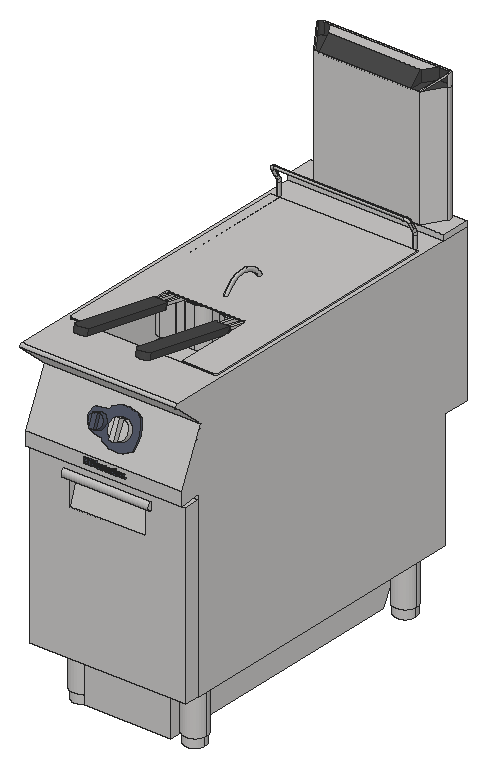
Revit family "QF_ELECTROLUXPROFESSIONAL_391084_E9FRGD1JFT", category Specialty Equipment, Revit 2018
Family settings
  Round Connector Dimension = Use Diameter
  Part Type = Normal
  Work Plane-Based = No
  Always vertical = Yes
  Cut with Voids When Loaded = No
  Shared = No
  Room Calculation Point = No
Parameters
  Width = 400 mm  # constant formula
  Weight in Pounds = 65  # constant formula
  Watts = 0 W
  URL Cutsheet = "www.electrolux.com/foodservice"
  URL = "www.electrolux.com/foodservice"
  Type Mark [instance] = ""
  Status [instance] = ""
  Specification by User [instance] = ""
  Specification by Manufacturer = ""
  Show Logo [instance] = yes
  Show Clearance [instance] = yes
  Serial Number = ""
  Seismic Rating = ""
  SMACNA No = ""
  Revision Code [instance] = ""
  Omniclass Number and Title = ""
  NAFEM Spec ID Number = ""
  Model = "391084"
  Mechanical Remarks [instance] = ""
  Mechanical Connection Type [instance] = ""
  Masterspec = ""
  Manufacturer = "ELECTROLUX"
  Item Number [instance] = ""
  Installed By [instance] = ""
  Identify Quantity as Lot [instance] = yes
  Height = 851 mm  # constant formula
  HP = "0 HP"
  Gas Size = 12.7 mm  # 1/2"
  Gas RI Height [instance] = 0 mm
  Gas KW = 19  # constant formula
  Gas Input = 64771.0 Btu/h
  Gas Connection Height = 0 mm
  Furnished By [instance] = ""
  Foodservice Equipment Identifier [instance] = yes
  Direct Waste Size = 0"
  Description = "900XP ONE 23 LT WELL GAS TUBE FRYER - LPG/ NATURAL GAS"
  Depth = 930 mm  # constant formula
  CSI MasterFormat = ""
  CSI Master Format = ""
  Base Height [instance] = 150 mm  # constant formula
Reference planes
  plane 1 "BACK": y = 0
  plane 2: z = 0
  plane 3 "LEFT": x = 0
  plane 4 "RIGHT": x = 400
  plane 5 "FRONT": y = -930
  plane 6 "TOP": z = 906
  plane 7 "Center Y": x = 200
  plane 8 "Center X": y = -465
  plane 9 "BASE": z = 601.763
  plane 10 "TOP A": z = 851
  plane 11: z = 150
  plane 12: y = -126
  plane 13: y = -800
  plane 14: y = -1273
  plane 15: x = 344
  plane 16: x = 56
  plane 17: x = 344
  plane 18: z = 916
  plane 19: z = 931
  plane 20: y = -1273
  plane 21: x = 355
  plane 22: y = -1610
  plane 23: z = 1200
Forms (mm)
  Extrusion 1, solid, material "QF_Finishes_Stainless Steel"
    sketch origin (0, 0, 0) x (0, 1, 0) y (0, 0, 1)
      loop
        line (0, 851) -> (-923.65, 851)
        arc (-923.65, 851) -> (-929.517, 847.08) -> (-928.14, 840.16) r 6.35
        line (-928.14, 840.16) -> (-852.034, 773.495) -> (-912.145, 642.892) -> (-912.145, 608.853) -> (-858.773, 614.463) -> (-858.773, 150) -> (-70, 150) -> (-70, 451.763) -> (0, 451.763) -> (0, 851)
      loop
        line (-900, 601.763) -> (-900, 150) -> (-860.361, 150) -> (-860.361, 601.763) -> (-900, 601.763)
    from 0 to 400
  Extrusion 2, void
    sketch origin (0, 0, 851) x (-1, 0, 0) y (0, -1, 0)
      loop
        line (-33.338, 141.304) -> (-33.338, 787.143) -> (-366.662, 787.143) -> (-366.662, 141.304) -> (-33.338, 141.304)
    from 0 to -152.4
  Extrusion 3, solid, material "QF_Finishes_Stainless Steel"
    sketch origin (0, 0, 851) x (-1, 0, 0) y (0, -1, 0)
      loop
        arc (-11.548, 780.793) -> (-13.408, 785.283) -> (-17.898, 787.143) r 6.35
        line (-17.898, 787.143) -> (-90.863, 787.143)
        arc (-90.863, 787.143) -> (-95.353, 785.283) -> (-97.213, 780.793) r 6.35
        line (-97.213, 780.793) -> (-97.213, 586.546)
        arc (-97.213, 586.546) -> (-99.072, 582.055) -> (-103.563, 580.196) r 6.35
        line (-103.563, 580.196) -> (-293.937, 580.196)
        arc (-293.937, 580.196) -> (-298.428, 582.055) -> (-300.287, 586.546) r 6.35
        line (-300.287, 586.546) -> (-300.287, 780.818)
        arc (-300.287, 780.818) -> (-302.14, 785.291) -> (-306.612, 787.143) r 6.325
        line (-306.612, 787.143) -> (-382.102, 787.143)
        arc (-382.102, 787.143) -> (-386.592, 785.283) -> (-388.452, 780.793) r 6.35
        line (-388.452, 780.793) -> (-388.452, 141.304) -> (-11.548, 141.304) -> (-11.548, 780.793)
    from 0 to 2.574
  Sweep 4, solid, material "QF_Finishes_Stainless Steel"
    path origin (200, 10.469, 0) x (0, 1, 0) y (0, 0, 1)
      loop
        arc (-423.261, 851) -> (-477.7, 884.779) -> (-532.139, 851) r 60.757
    profile origin (200, -467.231, 884.779) x (0, 0, -1) y (1, 0, 0)
      loop
        circle (0, 0) r 4.353
  Extrusion 5, solid, material "QF_Clearances", visible <- "Show Clearance", detail levels coarse
    sketch origin (0, 0, 0) x (1, 0, 0) y (0, 1, 0)
      loop
        line (0, -930) -> (0, 0) -> (400, 0) -> (400, -930) -> (550.019, -930) -> (550.019, 150.019) -> (-150.019, 150.019) -> (-150.019, -930) -> (0, -930)
    from 0 to 1200
  Revolve 6, solid, material "QF_Finishes_Stainless Steel"
    sketch origin (0, -126, 608.09) x (0, 0, 1) y (-1, 0, 0)
      loop
        line (-608.09, -56) -> (-458.09, -56) -> (-458.09, -26) -> (-583.09, -26) -> (-583.09, -29.75) -> (-608.09, -29.75) -> (-608.09, -56)
      axis (-608.09, -56) -> (-458.09, -56)
    angle from 0 to 360
  Revolve 7, solid, material "QF_Finishes_Stainless Steel"
    sketch origin (400.05, -126, 608.09) x (0, 0, 1) y (-1, 0, 0)
      loop
        line (-608.09, 56.05) -> (-608.09, 29.8) -> (-583.09, 29.8) -> (-583.09, 26.05) -> (-458.09, 26.05) -> (-458.09, 56.05) -> (-608.09, 56.05)
      axis (-608.09, 56.05) -> (-458.09, 56.05)
    angle from 0 to 360
  Extrusion 8, solid, material "QF_Door-Drawer Clearances", visible <- "Show Clearance", detail levels coarse
    sketch origin (0, 0, 851) x (-1, 0, 0) y (0, -1, 0)
      loop
        line (-400, 1273) -> (-400, 900) -> (-0.912, 900)
        arc (-0.912, 900) -> (-126.87, 1165.233) -> (-400, 1273) r 400
    from -701 to -249.237
  Revolve 9, solid, material "QF_Finishes_Stainless Steel"
    sketch origin (400.05, -800, 608.09) x (0, 0, 1) y (-1, 0, 0)
      loop
        line (-608.09, 56.05) -> (-608.09, 29.8) -> (-583.09, 29.8) -> (-583.09, 26.05) -> (-458.09, 26.05) -> (-458.09, 56.05) -> (-608.09, 56.05)
      axis (-608.09, 56.05) -> (-458.09, 56.05)
    angle from 0 to 360
  Extrusion 10, solid, material "QF_Finishes_Stainless Steel"
    sketch origin (200, 0, 0) x (0, 1, 0) y (0, 0, 1)
      loop
        line (-71.89, 865) -> (-71.89, 851) -> (0, 851) -> (0, 865) -> (-71.89, 865)
    from -200 to 200
  Extrusion 11, void
    sketch origin (200, -12.863, 0) x (0, 1, 0) y (0, 0, 1)
      loop
        line (-887.138, 564.263) -> (-887.138, 500.55) -> (-863.948, 564.263) -> (-887.138, 564.263)
    from -96.424 to 99.144
  Extrusion 12, solid, material "QF_Finishes_Stainless Steel"
    sketch origin (200, -12.863, 22.5) x (0, 1, 0) y (0, 0, 1)
      loop
        line (-887.137, 541.763) -> (-887.137, 561.763)
        arc (-887.137, 561.763) -> (-897.137, 551.763) -> (-887.137, 541.763) r 10
    from -110.529 to 112.106
  Revolve 13, solid, material "QF_Finishes_Stainless Steel"
    sketch origin (0, -800, 608.09) x (0, 0, 1) y (1, 0, 0)
      loop
        line (-608.09, 56) -> (-608.09, 29.75) -> (-583.09, 29.75) -> (-583.09, 26) -> (-458.09, 26) -> (-458.09, 56) -> (-608.09, 56)
      axis (-608.09, 56) -> (-458.09, 56)
    angle from 0 to 360
  Sweep 14, solid, material "QF_Finishes_Stainless Steel"
    path origin (0, 0, 0) x (0, 1, 0) y (0, 0, 1)
      loop
        line (-133.218, 851) -> (-133.218, 884.76)
        arc (-133.218, 884.76) -> (-133.779, 889.022) -> (-135.424, 892.993) r 16.466
        line (-135.424, 892.993) -> (-140.718, 902.162)
    profile origin (0, -133.218, 867.88) x (0, -1, 0) y (1, 0, 0)
      loop
        circle (0.001, 25.269) r 3.999
      loop
        circle (0.001, 374.731) r 3.999
  Sweep 15, solid, material "QF_Finishes_Stainless Steel"
    path origin (0, -68.628, 777.297) x (-1, 0, 0) y (0, -0.5, 0.866025)
      loop
        line (-374.731, 144.182) -> (-374.731, 165.819)
        arc (-374.731, 165.819) -> (-372.68, 170.768) -> (-367.731, 172.819) r 7
        line (-367.731, 172.819) -> (-32.269, 172.819)
        arc (-32.269, 172.819) -> (-27.32, 170.768) -> (-25.269, 165.819) r 7
        line (-25.269, 165.819) -> (-25.269, 144.182)
    profile origin (374.731, -146.128, 911.531) x (1, 0, 0) y (0, 0.866025, 0.5)
      loop
        circle (0, 0) r 4
  Extrusion 16, solid, material "QF_Finishes_Navy Blue", visible <- "Show Logo"
    sketch origin (0, -912.145, 608.853) x (0, 0, 1) y (-1, 0, 0)
      loop
        line (27.359, -159.055) -> (14.993, -159.055)
        arc (14.993, -159.055) -> (21.176, -163.626) -> (27.359, -159.055) r 6.467
      loop
        arc (27.359, -158.426) -> (26.19, -153.283) -> (21.534, -150.805) r 6.338
        line (21.534, -150.805) -> (21.534, -152.851)
        arc (21.534, -152.851) -> (23.018, -156.506) -> (26.464, -158.426) r 5.941
        line (26.464, -158.426) -> (27.359, -158.426)
      loop
        arc (15.888, -158.426) -> (19.334, -156.506) -> (20.817, -152.851) r 5.941
        line (20.817, -152.851) -> (20.817, -150.805)
        arc (20.817, -150.805) -> (16.123, -153.279) -> (14.834, -158.426) r 6.504
        line (14.834, -158.426) -> (15.888, -158.426)
      loop
        line (28.034, -150.336) -> (14.29, -150.336) -> (14.29, -164.099) -> (28.034, -164.099) -> (28.034, -150.336)
      loop
        arc (28.118, -167.066) -> (27.77, -166.709) -> (27.403, -167.047) r 0.358
        arc (27.403, -167.047) -> (27.089, -167.797) -> (26.372, -168.182) r 1.216
        line (26.372, -168.182) -> (15.959, -168.182)
        arc (15.959, -168.182) -> (15.299, -167.904) -> (14.903, -167.308) r 1.238
        arc (14.903, -167.308) -> (14.509, -167.057) -> (14.203, -167.411) r 0.358
        line (14.203, -167.411) -> (14.203, -177.29) -> (16.954, -177.29) -> (16.954, -176.393)
        arc (16.954, -176.393) -> (16.045, -175.813) -> (15.589, -174.836) r 1.928
        line (15.589, -174.836) -> (15.589, -172.337)
        arc (15.589, -172.337) -> (15.865, -171.608) -> (16.553, -171.244) r 1.101
        line (16.553, -171.244) -> (20.64, -171.244) -> (20.64, -174.917)
        arc (20.64, -174.917) -> (20.287, -175.414) -> (19.722, -175.642) r 1.083
        arc (19.722, -175.642) -> (19.459, -175.948) -> (19.751, -176.226) r 0.292
        line (19.751, -176.226) -> (22.713, -176.226)
        arc (22.713, -176.226) -> (23.016, -175.953) -> (22.777, -175.623) r 0.305
        arc (22.777, -175.623) -> (22.286, -175.375) -> (21.981, -174.917) r 1.083
        line (21.981, -174.917) -> (21.981, -171.244) -> (26.659, -171.244) -> (26.659, -174.991)
        arc (26.659, -174.991) -> (26.444, -175.747) -> (25.838, -176.245) r 1.314
        arc (25.838, -176.245) -> (25.619, -176.649) -> (25.973, -176.941) r 0.361
        line (25.973, -176.941) -> (28.118, -176.941) -> (28.118, -167.066)
      loop
        arc (27.4, -177.722) -> (27.02, -178.641) -> (26.101, -179.021) r 1.299
        line (26.101, -179.021) -> (16.522, -179.021)
        arc (16.522, -179.021) -> (15.684, -178.643) -> (15.413, -177.765) r 1.118
        line (15.413, -177.765) -> (14.203, -177.765) -> (14.203, -183.115) -> (15.391, -183.115)
        arc (15.391, -183.115) -> (15.663, -182.198) -> (16.533, -181.802) r 1.153
        line (16.533, -181.802) -> (28.605, -181.802) -> (27.4, -177.722)
      loop
        line (19.168, -185.751) -> (19.168, -192.198) -> (19.967, -192.198)
        arc (19.967, -192.198) -> (22.547, -191.214) -> (23.816, -188.76) r 3.874
        line (23.816, -188.76) -> (23.816, -187)
        arc (23.816, -187) -> (22.629, -184.135) -> (19.765, -182.949) r 4.051
        line (19.765, -182.949) -> (17.757, -182.949)
        arc (17.757, -182.949) -> (14.938, -184.434) -> (13.887, -187.441) r 4.352
        arc (13.887, -187.441) -> (14.251, -189.904) -> (15.629, -191.978) r 5.713
        line (15.629, -191.978) -> (16.578, -191.978)
        arc (16.578, -191.978) -> (15.845, -190.409) -> (15.629, -188.691) r 5.579
        arc (15.629, -188.691) -> (16.422, -186.728) -> (18.301, -185.751) r 3.057
        line (18.301, -185.751) -> (19.168, -185.751)
      loop
        line (20.427, -185.751) -> (20.427, -189.333)
        arc (20.427, -189.333) -> (21.884, -189.38) -> (22.767, -188.221) r 1.59
        line (22.767, -188.221) -> (22.767, -187.391)
        arc (22.767, -187.391) -> (21.902, -186.136) -> (20.427, -185.751) r 2.184
      loop
        arc (23.218, -201.616) -> (23.707, -199.942) -> (23.864, -198.205) r 9.023
        line (23.864, -198.205) -> (23.864, -196.843)
        arc (23.864, -196.843) -> (22.705, -194.043) -> (19.905, -192.883) r 3.959
        line (19.905, -192.883) -> (17.305, -192.883)
        arc (17.305, -192.883) -> (15.023, -194.176) -> (13.906, -196.549) r 4.331
        line (13.906, -196.549) -> (13.906, -198.684)
        arc (13.906, -198.684) -> (14.414, -200.234) -> (15.336, -201.58) r 5.772
        arc (15.336, -201.58) -> (16.098, -201.631) -> (16.184, -200.872) r 0.553
        arc (16.184, -200.872) -> (15.796, -200.138) -> (15.662, -199.319) r 2.573
        line (15.662, -199.319) -> (15.662, -197.804)
        arc (15.662, -197.804) -> (16.668, -196.162) -> (18.483, -195.52) r 2.884
        line (18.483, -195.52) -> (19.762, -195.52)
        arc (19.762, -195.52) -> (21.583, -196.08) -> (22.509, -197.745) r 2.554
        line (22.509, -197.745) -> (22.509, -198.798)
        arc (22.509, -198.798) -> (22.178, -199.726) -> (21.521, -200.461) r 2.564
        arc (21.521, -200.461) -> (21.299, -201.178) -> (21.909, -201.616) r 0.643
        line (21.909, -201.616) -> (23.218, -201.616)
      loop
        line (22.2, -201.886) -> (22.2, -203.387) -> (16.152, -203.387)
        arc (16.152, -203.387) -> (14.564, -204.045) -> (13.906, -205.633) r 2.246
        line (13.906, -205.633) -> (13.906, -207.217)
        arc (13.906, -207.217) -> (14.22, -208.081) -> (14.72, -208.853) r 4.06
        arc (14.72, -208.853) -> (15.453, -208.986) -> (15.704, -208.285) r 0.576
        arc (15.704, -208.285) -> (15.598, -207.759) -> (15.662, -207.227) r 1.69
        arc (15.662, -207.227) -> (16.204, -206.439) -> (17.11, -206.136) r 1.506
        line (17.11, -206.136) -> (22.248, -206.136) -> (22.248, -208.533) -> (22.805, -209.089) -> (23.626, -209.089) -> (23.626, -206.23) -> (26.857, -206.23) -> (22.2, -201.886)
      loop
        line (14.124, -209.987) -> (14.124, -215.374) -> (15.234, -215.374)
        arc (15.234, -215.374) -> (15.627, -214.423) -> (16.578, -214.029) r 1.345
        line (16.578, -214.029) -> (20.195, -214.029)
        arc (20.195, -214.029) -> (20.959, -214.621) -> (21.249, -215.543) r 1.615
        line (21.249, -215.543) -> (21.249, -217.099) -> (23.805, -217.784) -> (23.805, -216.401) -> (21.862, -213.842) -> (23.742, -213.842) -> (23.458, -211.136)
        arc (23.458, -211.136) -> (23.018, -210.606) -> (22.359, -210.807) r 0.621
        arc (22.359, -210.807) -> (21.959, -211.149) -> (21.465, -211.332) r 1.501
        line (21.465, -211.332) -> (16.578, -211.332)
        arc (16.578, -211.332) -> (15.627, -210.938) -> (15.234, -209.987) r 1.345
        line (15.234, -209.987) -> (14.124, -209.987)
      loop
        line (20.225, -217.321) -> (17.533, -217.321)
        arc (17.533, -217.321) -> (15.088, -218.629) -> (13.954, -221.159) r 4.288
        arc (13.954, -221.159) -> (13.89, -222.54) -> (13.954, -223.92) r 15.022
        arc (13.954, -223.92) -> (15.088, -226.451) -> (17.533, -227.758) r 4.288
        line (17.533, -227.758) -> (20.225, -227.758)
        arc (20.225, -227.758) -> (22.671, -226.451) -> (23.805, -223.92) r 4.288
        arc (23.805, -223.92) -> (23.868, -222.54) -> (23.805, -221.159) r 15.022
        arc (23.805, -221.159) -> (22.671, -218.629) -> (20.225, -217.321) r 4.288
      loop
        line (20.43, -220.435) -> (17.328, -220.435)
        arc (17.328, -220.435) -> (15.171, -222.592) -> (17.328, -224.749) r 2.157
        line (17.328, -224.749) -> (20.43, -224.749)
        arc (20.43, -224.749) -> (22.587, -222.592) -> (20.43, -220.435) r 2.157
      loop
        arc (27.411, -227.616) -> (27.041, -228.51) -> (26.147, -228.881) r 1.264
        line (26.147, -228.881) -> (16.282, -228.881)
        arc (16.282, -228.881) -> (15.412, -228.484) -> (15.141, -227.568) r 1.153
        line (15.141, -227.568) -> (14.203, -227.568) -> (14.203, -232.676) -> (15.131, -232.676)
        arc (15.131, -232.676) -> (15.49, -231.904) -> (16.282, -231.589) r 1.153
        line (16.282, -231.589) -> (28.605, -231.589) -> (27.411, -227.616)
      loop
        arc (22.531, -232.213) -> (22.332, -233.278) -> (21.363, -233.76) r 1.215
        line (21.363, -233.76) -> (16.343, -233.76)
        arc (16.343, -233.76) -> (14.728, -234.407) -> (14.008, -235.99) r 2.338
        line (14.008, -235.99) -> (14.008, -237.505)
        arc (14.008, -237.505) -> (14.182, -238.509) -> (14.684, -239.395) r 2.979
        line (14.684, -239.395) -> (14.203, -241.192) -> (14.203, -242.88) -> (23.629, -242.88) -> (23.335, -238.677) -> (22.548, -238.677)
        arc (22.548, -238.677) -> (22.192, -239.513) -> (21.44, -240.022) r 1.605
        line (21.44, -240.022) -> (16.337, -240.022)
        arc (16.337, -240.022) -> (15.917, -239.085) -> (15.844, -238.061) r 2.94
        arc (15.844, -238.061) -> (16.405, -236.96) -> (17.558, -236.517) r 1.724
        line (17.558, -236.517) -> (23.755, -236.517) -> (22.531, -232.213)
      loop
        line (23.559, -243.734) -> (21.887, -245.78) -> (18.713, -248.086) -> (15.257, -244.974)
        arc (15.257, -244.974) -> (15.02, -244.58) -> (15.042, -244.121) r 0.789
        line (15.042, -244.121) -> (14.203, -244.121) -> (14.203, -247.666) -> (15.029, -247.666)
        arc (15.029, -247.666) -> (15.372, -247.304) -> (15.862, -247.396) r 0.52
        line (15.862, -247.396) -> (17.661, -248.867) -> (15.543, -250.242)
        arc (15.543, -250.242) -> (15.142, -249.932) -> (15.055, -249.433) r 0.7
        line (15.055, -249.433) -> (14.203, -249.433) -> (14.203, -255.36) -> (15.09, -255.36)
        arc (15.09, -255.36) -> (15.157, -254.701) -> (15.552, -254.17) r 1.247
        line (15.552, -254.17) -> (19.751, -250.889) -> (22.198, -252.942) -> (23.559, -254.684) -> (23.559, -250.96) -> (22.074, -251.383) -> (20.553, -250.106) -> (22.253, -248.916) -> (23.559, -249.692) -> (23.559, -243.734)
    from 0 to 1.644
  Extrusion 17, solid, material "QF_Finishes_Navy Blue"
    sketch origin (-315.976, -908.962, 649.81) x (0, 0.418102, 0.9084) y (-1, 0, 0)
      loop
        arc (104.355, -502.587) -> (101.326, -501.258) -> (98.25, -500.039) r 91.066
        arc (98.25, -500.039) -> (96.592, -482.449) -> (93.213, -465.107) r 179.528
        arc (93.213, -465.107) -> (69.244, -452.795) -> (45.274, -465.107) r 29.489
        arc (45.274, -465.107) -> (38.909, -481.441) -> (37.449, -498.912) r 61.044
        arc (37.449, -498.912) -> (34.471, -499.962) -> (31.532, -501.116) r 91.066
        arc (31.532, -501.116) -> (19.517, -540.223) -> (32.929, -578.873) r 65.817
        arc (32.929, -578.873) -> (68.105, -585.173) -> (102.996, -577.452) r 91.066
        arc (102.996, -577.452) -> (115.418, -540.233) -> (104.355, -502.587) r 65.546
    from 0 to 3.175
  Extrusion 18, solid, material "QF_Finishes_Stainless Steel"
    sketch origin (62.774, -912.675, 649.335) x (0, 0.418102, 0.9084) y (-1, 0, 0)
      loop
        circle (68.826, -160.963) r 25.4
    from 0 to 12.7
  Extrusion 19, solid, material "QF_Finishes_Stainless Steel"
    sketch origin (62.774, -924.212, 654.645) x (0, 0.418102, 0.9084) y (-1, 0, 0)
      loop
        arc (93.558, -166.749) -> (94.226, -160.963) -> (93.558, -155.177) r 25.4
        line (93.558, -155.177) -> (44.094, -155.177)
        arc (44.094, -155.177) -> (43.426, -160.963) -> (44.094, -166.749) r 25.4
        line (44.094, -166.749) -> (93.558, -166.749)
    from 0 to 12.7
  Extrusion 20, solid, material "QF_Finishes_Navy Blue"
    sketch origin (5.274, -912.675, 649.335) x (0, 0.418102, 0.9084) y (-1, 0, 0)
      loop
        circle (68.826, -160.963) r 18.37
    from 0 to 12.7
  Extrusion 21, solid, material "QF_Finishes_Navy Blue"
    sketch origin (3.983, -924.212, 654.645) x (0, 0.418102, 0.9084) y (-1, 0, 0)
      loop
        arc (84.808, -167.687) -> (85.476, -161.901) -> (84.808, -156.114) r 25.4
        line (84.808, -156.114) -> (52.844, -156.114)
        arc (52.844, -156.114) -> (52.176, -161.901) -> (52.844, -167.687) r 25.4
        line (52.844, -167.687) -> (84.808, -167.687)
    from 0 to 8.112
  Extrusion 22, solid, material "QF_Finishes_Stainless Steel"
    sketch origin (0, 67, 150) x (-1, 0, 0) y (0, 1, 0)
      loop
        circle (-355, -715) r 6.35
    from 0 to 15
  Extrusion 23, solid, material "QF_Finishes_Stainless Steel"
    sketch origin (185.958, 109.846, 107.43) x (0, 0.984808, 0.173648) y (0, -0.173648, 0.984808)
      loop
        line (-552.44, 743.096) -> (-534.513, 844.764) -> (-598.426, 869.678) -> (-600.732, 863.761) -> (-541.671, 840.739) -> (-558.694, 744.199) -> (-552.44, 743.096)
    from -80.476 to -74.619
  Extrusion 24, solid, material "QF_Finishes_Mesh"
    sketch origin (-5.005, -64.779, 844.25) x (-1, 0, 0) y (0, -1, 0)
      loop
        arc (-76.6, 120.481) -> (-58.64, 127.92) -> (-51.2, 145.881) r 25.4
        line (-51.2, 145.881) -> (-51.2, 481.11)
        arc (-51.2, 481.11) -> (-58.64, 499.071) -> (-76.6, 506.51) r 25.4
        line (-76.6, 506.51) -> (-166.875, 506.51)
        arc (-166.875, 506.51) -> (-184.836, 499.071) -> (-192.275, 481.11) r 25.4
        line (-192.275, 481.11) -> (-192.275, 145.881)
        arc (-192.275, 145.881) -> (-184.836, 127.92) -> (-166.875, 120.481) r 25.4
        line (-166.875, 120.481) -> (-76.6, 120.481)
      loop
        arc (-76.6, 123.656) -> (-60.885, 130.165) -> (-54.375, 145.881) r 22.225
        line (-54.375, 145.881) -> (-54.375, 481.11)
        arc (-54.375, 481.11) -> (-60.885, 496.826) -> (-76.6, 503.335) r 22.225
        line (-76.6, 503.335) -> (-166.875, 503.335)
        arc (-166.875, 503.335) -> (-182.591, 496.826) -> (-189.1, 481.11) r 22.225
        line (-189.1, 481.11) -> (-189.1, 145.881)
        arc (-189.1, 145.881) -> (-182.591, 130.165) -> (-166.875, 123.656) r 22.225
        line (-166.875, 123.656) -> (-76.6, 123.656)
    from -109 to -5.315
  Extrusion 25, solid, material "QF_Finishes_Black"
    sketch origin (54.033, -843.725, 906.181) x (0, 0.980628, -0.195878) y (-1, 0, 0)
      loop
        arc (-40.26, -47.345) -> (-50.487, -65.962) -> (-40.26, -84.58) r 22.059
        line (-40.26, -84.58) -> (214.638, -84.58)
        arc (214.638, -84.58) -> (217.113, -83.554) -> (218.138, -81.08) r 3.5
        line (218.138, -81.08) -> (218.138, -50.854)
        arc (218.138, -50.854) -> (217.11, -48.372) -> (214.629, -47.345) r 3.509
        line (214.629, -47.345) -> (-40.26, -47.345)
    from -15.884 to 0
  Extrusion 26, solid, material "QF_Finishes_Stainless Steel"
    sketch origin (209.153, 109.846, 107.43) x (0, 0.984808, 0.173648) y (0, -0.173648, 0.984808)
      loop
        line (-552.44, 743.096) -> (-534.513, 844.764) -> (-598.426, 869.678) -> (-600.732, 863.761) -> (-541.671, 840.739) -> (-558.694, 744.199) -> (-552.44, 743.096)
    from -80.476 to -74.619
  Extrusion 27, solid, material "QF_Finishes_Stainless Steel"
    sketch origin (214.042, 109.846, 107.43) x (0, 0.984808, 0.173648) y (0, 0.173648, -0.984808)
      loop
        line (-552.44, -743.096) -> (-558.694, -744.199) -> (-541.671, -840.739) -> (-600.732, -863.761) -> (-598.426, -869.678) -> (-534.513, -844.764) -> (-552.44, -743.096)
    from -80.476 to -74.619
  Extrusion 28, solid, material "QF_Finishes_Mesh"
    sketch origin (405.005, -64.779, 844.25) x (1, 0, 0) y (0, 1, 0)
      loop
        line (-76.6, -120.481) -> (-166.875, -120.481)
        arc (-166.875, -120.481) -> (-184.836, -127.92) -> (-192.275, -145.881) r 25.4
        line (-192.275, -145.881) -> (-192.275, -481.11)
        arc (-192.275, -481.11) -> (-184.836, -499.071) -> (-166.875, -506.51) r 25.4
        line (-166.875, -506.51) -> (-76.6, -506.51)
        arc (-76.6, -506.51) -> (-58.64, -499.071) -> (-51.2, -481.11) r 25.4
        line (-51.2, -481.11) -> (-51.2, -145.881)
        arc (-51.2, -145.881) -> (-58.64, -127.92) -> (-76.6, -120.481) r 25.4
      loop
        line (-76.6, -123.656) -> (-166.875, -123.656)
        arc (-166.875, -123.656) -> (-182.591, -130.165) -> (-189.1, -145.881) r 22.225
        line (-189.1, -145.881) -> (-189.1, -481.11)
        arc (-189.1, -481.11) -> (-182.591, -496.826) -> (-166.875, -503.335) r 22.225
        line (-166.875, -503.335) -> (-76.6, -503.335)
        arc (-76.6, -503.335) -> (-60.885, -496.826) -> (-54.375, -481.11) r 22.225
        line (-54.375, -481.11) -> (-54.375, -145.881)
        arc (-54.375, -145.881) -> (-60.885, -130.165) -> (-76.6, -123.656) r 22.225
    from -109 to -5.315
  Extrusion 29, solid, material "QF_Finishes_Stainless Steel"
    sketch origin (190.847, 109.846, 107.43) x (0, 0.984808, 0.173648) y (0, 0.173648, -0.984808)
      loop
        line (-552.44, -743.096) -> (-558.694, -744.199) -> (-541.671, -840.739) -> (-600.732, -863.761) -> (-598.426, -869.678) -> (-534.513, -844.764) -> (-552.44, -743.096)
    from -80.476 to -74.619
  Extrusion 30, solid, material "QF_Finishes_Stainless Steel"
    sketch origin (0, 0, 0) x (0, 1, 0) y (0, 0, 1)
      loop
        line (-80, 150) -> (-835.361, 150) -> (-835.361, 11) -> (-157.049, 11) -> (-80, 150)
    from 89.649 to 310.351
  Extrusion 31, solid, material "QF_Finishes_Black"
    sketch origin (345.967, -843.725, 906.181) x (0, 0.980628, -0.195878) y (-1, 0, 0)
      loop
        line (-40.26, 47.345) -> (214.629, 47.345)
        arc (214.629, 47.345) -> (217.11, 48.372) -> (218.138, 50.854) r 3.509
        line (218.138, 50.854) -> (218.138, 81.08)
        arc (218.138, 81.08) -> (217.113, 83.554) -> (214.638, 84.58) r 3.5
        line (214.638, 84.58) -> (-40.26, 84.58)
        arc (-40.26, 84.58) -> (-50.487, 65.962) -> (-40.26, 47.345) r 22.059
    from -15.884 to 0
  Extrusion 32, solid, material "QF_Clearances", visible <- "Show Clearance", detail levels coarse
    sketch origin (0, 0, 851) x (-1, 0, 0) y (0, -1, 0)
      loop
        line (-89.649, 835.361) -> (-89.649, 1610) -> (-310.351, 1610) -> (-310.351, 835.361) -> (-89.649, 835.361)
    from -840 to -701
  Extrusion 33, solid, material "QF_Finishes_Stainless Steel"
    sketch origin (200, -75.122, 865) x (0, 1, 0) y (-1, 0, 0)
      loop
        line (5.122, -135.702) -> (55.555, -168.454)
        arc (55.555, -168.454) -> (65.773, -168.855) -> (71.002, -160.067) r 10
        line (71.002, -160.067) -> (71.002, 160.067)
        arc (71.002, 160.067) -> (65.773, 168.855) -> (55.555, 168.454) r 10
        line (55.555, 168.454) -> (5.122, 135.702) -> (5.122, -135.702)
    from 0 to 304.8
  Extrusion 34, solid, material "QF_Finishes_Stainless Steel"
    sketch origin (200, -75.122, 1169.8) x (0, 1, 0) y (-1, 0, 0)
      loop
        line (71.002, -160.067) -> (71.002, 160.067)
        arc (71.002, 160.067) -> (65.773, 168.855) -> (55.555, 168.454) r 10
        line (55.555, 168.454) -> (57.189, 165.938)
        arc (57.189, 165.938) -> (64.342, 166.219) -> (68.002, 160.067) r 7
        line (68.002, 160.067) -> (68.002, -160.067)
        arc (68.002, -160.067) -> (64.342, -166.219) -> (57.189, -165.938) r 7
        line (57.189, -165.938) -> (55.555, -168.454)
        arc (55.555, -168.454) -> (65.773, -168.855) -> (71.002, -160.067) r 10
    from 0 to 30.2
  Extrusion 35, solid, material "QF_Finishes_Black"
    sketch origin (0, 0, 0) x (0, 1, 0) y (0, 0, 1)
      loop
        line (-70, 1169.8) -> (-7.12, 1169.8) -> (-7.12, 1200) -> (-38.56, 1200) -> (-70, 1169.8)
    from 77.63 to 314.332
  Extrusion 36, solid, material "QF_Finishes_Black"
    sketch origin (200, -75.122, 1169.8) x (0, 1, 0) y (-1, 0, 0)
      loop
        line (36.562, -114.332) -> (68.002, -133.978) -> (68.002, -114.332) -> (36.562, -114.332)
      loop
        line (36.562, 122.37) -> (68.002, 122.37) -> (68.002, 142.016) -> (36.562, 122.37)
    from 0 to 30.2
  Extrusion 37, solid, material "QF_Finishes_Stainless Steel"
    sketch origin (337.569, -67.125, 865) x (0.544639, 0.838671, 0) y (0, 0, 1)
      loop
        line (-3.428, 304.8) -> (3.257, 304.8) -> (56.707, 331.643) -> (56.707, 335) -> (-3.428, 304.8)
    from 0 to -3
  Extrusion 38, solid, material "QF_Finishes_Stainless Steel"
    sketch origin (62.431, -67.125, 865) x (-0.544639, 0.838671, 0) y (0, 0, -1)
      loop
        line (-3.428, -304.8) -> (56.707, -335) -> (56.707, -331.643) -> (3.257, -304.8) -> (-3.428, -304.8)
    from 0 to -3
Cuts and joins
  Extrusion 2, Extrusion 11 cuts Extrusion 1
  joined: Extrusion 3, Sweep 4, Extrusion 10
  joined: Extrusion 35, Extrusion 36
Lines and regions (mm)
  Split face 1
    outline origin (0, -835.361, 150) x (0, 0, -1) y (1, 0, 0)
      loop
        line (137, 262.382) -> (2, 262.382) -> (2, 91.649) -> (137, 91.649) -> (137, 262.382)
  Split face 2
    outline origin (0, -835.361, 150) x (0, 0, -1) y (1, 0, 0)
      loop
        line (51.412, 139.794) -> (58.912, 124.794) -> (66.412, 139.794) -> (51.412, 139.794)
  symbolic lines, style "QF_Clearances", visible <- "Show Clearance", detail levels coarse
    curve 1: line (-150.019, 150.019, 851) -> (-150.019, -930, 851)
    curve 2: line (550.019, 150.019, 851) -> (-150.019, 150.019, 851)
    curve 3: line (550.019, -930, 851) -> (550.019, 150.019, 851)
    curve 70: line (89.649, -1610, 851) -> (89.649, -930, 851)
    curve 71: line (89.649, -1610, 851) -> (310.351, -1610, 851)
    curve 72: line (310.351, -1610, 851) -> (310.351, -930, 851)
  symbolic lines
    curve 4: line (0, -930, 851) -> (0, 0, 851)
    curve 5: line (400, 0, 851) -> (400, -930, 851)
    curve 6: line (11.548, -141.304, 851) -> (11.548, -780.849, 851)
    curve 7: arc (11.548, -780.849, 851) -> (13.428, -785.386, 851) -> (17.965, -787.265, 851) r 6.416
    curve 8: line (17.965, -787.265, 851) -> (101.378, -787.265, 851)
    curve 9: arc (90.94, -787.265, 851) -> (95.375, -785.428, 851) -> (97.213, -780.993, 851) r 6.272
    curve 10: line (97.213, -780.993, 851) -> (97.213, -586.546, 851)
    curve 11: arc (97.213, -586.546, 851) -> (99.072, -582.055, 851) -> (103.563, -580.196, 851) r 6.35
    curve 12: line (103.563, -580.196, 851) -> (293.937, -580.196, 851)
    curve 13: arc (293.937, -580.196, 851) -> (298.428, -582.055, 851) -> (300.287, -586.546, 851) r 6.35
    curve 14: line (300.287, -586.546, 851) -> (300.287, -780.818, 851)
    curve 15: arc (300.287, -780.818, 851) -> (302.14, -785.291, 851) -> (306.613, -787.143, 851) r 6.325
    curve 16: arc (382.234, -787.143, 851) -> (386.63, -785.322, 851) -> (388.452, -780.925, 851) r 6.218
    curve 17: line (388.452, -780.925, 851) -> (388.452, -141.304, 851)
    curve 18: line (195.545, -520.62, 851) -> (195.545, -413.844, 851)
    curve 19: line (204.443, -413.844, 851) -> (204.443, -520.62, 851)
    curve 20: arc (195.545, -520.62, 851) -> (199.994, -525.069, 851) -> (204.443, -520.62, 851) r 4.449
    curve 21: arc (195.545, -413.844, 851) -> (199.994, -409.395, 851) -> (204.443, -413.844, 851) r 4.449
    curve 22: line (400, -930, 851) -> (0, -930, 851)
    curve 25: line (31.918, -151.038, 851) -> (368.082, -151.038, 851)
    curve 26: line (368.557, -159.052, 851) -> (31.443, -159.052, 851)
    curve 27: line (0, -71.89, 851) -> (400, -71.89, 851)
    curve 28: line (388.452, -141.304, 851) -> (378.73, -141.304, 851)
    curve 29: line (0, 0, 851) -> (400, 0, 851)
    curve 30: arc (25.269, -129.22, 851) -> (28.097, -130.391, 851) -> (29.268, -133.219, 851) r 3.999
    curve 31: arc (21.27, -133.219, 851) -> (22.442, -130.391, 851) -> (25.269, -129.22, 851) r 3.999
    curve 32: line (21.27, -133.219, 851) -> (21.27, -151.339, 851)
    curve 33: line (29.268, -133.219, 851) -> (29.268, -150.539, 851)
    curve 34: arc (31.443, -159.052, 851) -> (28.224, -158.628, 851) -> (25.225, -157.386, 851) r 12.435
    curve 35: arc (21.27, -151.339, 851) -> (22.347, -154.952, 851) -> (25.225, -157.386, 851) r 6.6
    curve 36: arc (29.268, -150.539, 851) -> (30.57, -150.912, 851) -> (31.918, -151.038, 851) r 7.291
    curve 37: arc (374.731, -129.22, 851) -> (371.903, -130.391, 851) -> (370.732, -133.219, 851) r 3.999
    curve 38: arc (378.73, -133.219, 851) -> (377.558, -130.391, 851) -> (374.731, -129.22, 851) r 3.999
    curve 39: line (378.73, -133.219, 851) -> (378.73, -151.339, 851)
    curve 40: line (370.732, -133.219, 851) -> (370.732, -150.539, 851)
    curve 41: arc (368.557, -159.052, 851) -> (371.776, -158.628, 851) -> (374.775, -157.386, 851) r 12.435
    curve 42: arc (378.73, -151.339, 851) -> (377.653, -154.952, 851) -> (374.775, -157.386, 851) r 6.6
    curve 43: arc (370.732, -150.539, 851) -> (369.43, -150.912, 851) -> (368.082, -151.038, 851) r 7.291
    curve 44: line (138.613, -787.265, 851) -> (261.387, -787.265, 851)
    curve 45: line (21.27, -141.304, 851) -> (11.548, -141.304, 851)
    curve 46: line (370.732, -141.304, 851) -> (29.268, -141.304, 851)
    curve 47: line (138.613, -886.257, 851) -> (138.613, -633.193, 851)
    curve 48: line (101.378, -633.202, 851) -> (101.378, -886.257, 851)
    curve 49: line (135.113, -629.813, 851) -> (104.887, -629.813, 851)
    curve 50: line (111.314, -580.196, 851) -> (111.314, -629.813, 851)
    curve 51: line (105.457, -629.813, 851) -> (105.457, -580.196, 851)
    curve 52: line (128.677, -629.813, 851) -> (128.677, -580.196, 851)
    curve 53: spline (104.887, -629.813, 851) -> (104.429, -629.842, 851) -> (103.979, -629.928, 851) -> (103.544, -630.071, 851) -> (103.133, -630.267, 851) -> (102.751, -630.513, 851) -> (102.406, -630.805, 851) -> (102.103, -631.139, 851) -> (101.848, -631.507, 851) -> (101.645, -631.905, 851) -> (101.498, -632.325, 851) -> (101.408, -632.76, 851) -> (101.378, -633.202, 851)
    curve 54: spline (138.613, -633.193, 851) -> (138.583, -632.752, 851) -> (138.494, -632.318, 851) -> (138.346, -631.9, 851) -> (138.144, -631.503, 851) -> (137.89, -631.135, 851) -> (137.588, -630.803, 851) -> (137.244, -630.511, 851) -> (136.863, -630.266, 851) -> (136.452, -630.07, 851) -> (136.019, -629.928, 851) -> (135.57, -629.842, 851) -> (135.113, -629.813, 851)
    curve 55: line (134.534, -580.196, 851) -> (134.534, -629.813, 851)
    curve 56: line (261.387, -886.257, 851) -> (261.387, -633.193, 851)
    curve 57: line (298.622, -633.202, 851) -> (298.622, -886.257, 851)
    curve 58: line (264.887, -629.813, 851) -> (295.113, -629.813, 851)
    curve 59: line (288.686, -580.196, 851) -> (288.686, -629.813, 851)
    curve 60: line (294.543, -629.813, 851) -> (294.543, -580.225, 851)
    curve 61: line (271.323, -629.813, 851) -> (271.323, -580.196, 851)
    curve 62: spline (295.113, -629.813, 851) -> (295.571, -629.842, 851) -> (296.021, -629.928, 851) -> (296.456, -630.071, 851) -> (296.867, -630.267, 851) -> (297.249, -630.513, 851) -> (297.594, -630.805, 851) -> (297.897, -631.139, 851) -> (298.152, -631.507, 851) -> (298.355, -631.905, 851) -> (298.502, -632.325, 851) -> (298.592, -632.76, 851) -> (298.622, -633.202, 851)
    curve 63: spline (261.387, -633.193, 851) -> (261.417, -632.752, 851) -> (261.506, -632.318, 851) -> (261.654, -631.9, 851) -> (261.856, -631.503, 851) -> (262.11, -631.135, 851) -> (262.412, -630.803, 851) -> (262.756, -630.511, 851) -> (263.137, -630.266, 851) -> (263.548, -630.07, 851) -> (263.981, -629.928, 851) -> (264.43, -629.842, 851) -> (264.887, -629.813, 851)
    curve 64: line (265.466, -580.196, 851) -> (265.466, -629.813, 851)
    curve 65: line (298.622, -787.265, 851) -> (382.234, -787.265, 851)
    curve 66: arc (101.378, -886.257, 851) -> (119.995, -896.341, 851) -> (138.613, -886.257, 851) r 22.229
    curve 67: arc (101.378, -883.146, 851) -> (119.995, -893.26, 851) -> (138.613, -883.146, 851) r 22.191
    curve 68: arc (298.622, -886.257, 851) -> (280.005, -896.341, 851) -> (261.387, -886.257, 851) r 22.229
    curve 69: arc (298.622, -883.146, 851) -> (280.005, -893.26, 851) -> (261.387, -883.146, 851) r 22.191
    curve 73: line (64.298, -70, 0) -> (335.702, -70, 0)
    curve 74: line (335.702, -70, 0) -> (368.454, -19.566, 0)
    curve 75: arc (368.454, -19.566, 0) -> (368.855, -9.348, 0) -> (360.067, -4.12, 0) r 10
    curve 76: line (360.067, -4.12, 0) -> (39.933, -4.12, 0)
    curve 77: arc (39.933, -4.12, 0) -> (31.145, -9.348, 0) -> (31.546, -19.566, 0) r 10
    curve 78: line (31.546, -19.566, 0) -> (64.298, -70, 0)
    curve 79: line (67.875, -70, 0) -> (34.062, -17.932, 0)
    curve 80: arc (34.062, -17.932, 0) -> (33.781, -10.78, 0) -> (39.933, -7.12, 0) r 7
    curve 81: line (39.933, -7.12, 0) -> (57.984, -7.12, 0)
    curve 82: line (57.984, -7.12, 0) -> (77.63, -38.56, 0)
    curve 83: line (77.63, -38.56, 0) -> (77.63, -70, 0)
    curve 84: line (314.332, -38.56, 0) -> (77.63, -38.56, 0)
    curve 85: line (314.332, -38.56, 0) -> (333.978, -7.12, 0)
    curve 86: line (314.332, -70, 0) -> (314.332, -38.56, 0)
    curve 87: line (333.978, -7.12, 0) -> (360.067, -7.12, 0)
    curve 88: arc (360.067, -7.12, 0) -> (366.219, -10.78, 0) -> (365.938, -17.932, 0) r 7
    curve 89: line (365.938, -17.932, 0) -> (332.125, -70, 0)
    curve 90: line (191.21, -42.216, 0) -> (200.752, -42.216, 0)
    curve 91: line (191.21, -68.307, 0) -> (191.21, -42.216, 0)
    curve 92: line (200.752, -68.307, 0) -> (191.21, -68.307, 0)
    curve 93: line (200.752, -68.307, 0) -> (200.752, -42.216, 0)
    curve 94: line (179.21, -42.216, 0) -> (188.752, -42.216, 0)
    curve 95: line (179.21, -68.307, 0) -> (179.21, -42.216, 0)
    curve 96: line (188.752, -68.307, 0) -> (179.21, -68.307, 0)
    curve 97: line (188.752, -68.307, 0) -> (188.752, -42.216, 0)
    curve 98: line (167.21, -42.216, 0) -> (176.752, -42.216, 0)
    curve 99: line (167.21, -68.307, 0) -> (167.21, -42.216, 0)
    curve 100: line (176.752, -68.307, 0) -> (167.21, -68.307, 0)
    curve 101: line (176.752, -68.307, 0) -> (176.752, -42.216, 0)
    curve 102: line (155.21, -42.216, 0) -> (164.752, -42.216, 0)
    curve 103: line (155.21, -68.307, 0) -> (155.21, -42.216, 0)
    curve 104: line (164.752, -68.307, 0) -> (155.21, -68.307, 0)
    curve 105: line (164.752, -68.307, 0) -> (164.752, -42.216, 0)
    curve 106: line (143.21, -42.216, 0) -> (152.752, -42.216, 0)
    curve 107: line (143.21, -68.307, 0) -> (143.21, -42.216, 0)
    curve 108: line (152.752, -68.307, 0) -> (143.21, -68.307, 0)
    curve 109: line (152.752, -68.307, 0) -> (152.752, -42.216, 0)
    curve 110: line (131.21, -42.216, 0) -> (140.752, -42.216, 0)
    curve 111: line (131.21, -68.307, 0) -> (131.21, -42.216, 0)
    curve 112: line (140.752, -68.307, 0) -> (131.21, -68.307, 0)
    curve 113: line (140.752, -68.307, 0) -> (140.752, -42.216, 0)
    curve 114: line (119.21, -42.216, 0) -> (128.752, -42.216, 0)
    curve 115: line (119.21, -68.307, 0) -> (119.21, -42.216, 0)
    curve 116: line (128.752, -68.307, 0) -> (119.21, -68.307, 0)
    curve 117: line (128.752, -68.307, 0) -> (128.752, -42.216, 0)
    curve 118: line (107.21, -42.216, 0) -> (116.752, -42.216, 0)
    curve 119: line (107.21, -68.307, 0) -> (107.21, -42.216, 0)
    curve 120: line (116.752, -68.307, 0) -> (107.21, -68.307, 0)
    curve 121: line (116.752, -68.307, 0) -> (116.752, -42.216, 0)
    curve 122: line (95.21, -42.216, 0) -> (104.752, -42.216, 0)
    curve 123: line (95.21, -68.307, 0) -> (95.21, -42.216, 0)
    curve 124: line (104.752, -68.307, 0) -> (95.21, -68.307, 0)
    curve 125: line (104.752, -68.307, 0) -> (104.752, -42.216, 0)
    curve 126: line (83.21, -42.216, 0) -> (92.752, -42.216, 0)
    curve 127: line (83.21, -68.307, 0) -> (83.21, -42.216, 0)
    curve 128: line (92.752, -68.307, 0) -> (83.21, -68.307, 0)
    curve 129: line (92.752, -68.307, 0) -> (92.752, -42.216, 0)
    curve 130: line (212.752, -42.216, 0) -> (203.21, -42.216, 0)
    curve 131: line (212.752, -68.307, 0) -> (212.752, -42.216, 0)
    curve 132: line (203.21, -68.307, 0) -> (212.752, -68.307, 0)
    curve 133: line (203.21, -68.307, 0) -> (203.21, -42.216, 0)
    curve 134: line (224.752, -42.216, 0) -> (215.21, -42.216, 0)
    curve 135: line (224.752, -68.307, 0) -> (224.752, -42.216, 0)
    curve 136: line (215.21, -68.307, 0) -> (224.752, -68.307, 0)
    curve 137: line (215.21, -68.307, 0) -> (215.21, -42.216, 0)
    curve 138: line (236.752, -42.216, 0) -> (227.21, -42.216, 0)
    curve 139: line (236.752, -68.307, 0) -> (236.752, -42.216, 0)
    curve 140: line (227.21, -68.307, 0) -> (236.752, -68.307, 0)
    curve 141: line (227.21, -68.307, 0) -> (227.21, -42.216, 0)
    curve 142: line (248.752, -42.216, 0) -> (239.21, -42.216, 0)
    curve 143: line (248.752, -68.307, 0) -> (248.752, -42.216, 0)
    curve 144: line (239.21, -68.307, 0) -> (248.752, -68.307, 0)
    curve 145: line (239.21, -68.307, 0) -> (239.21, -42.216, 0)
    curve 146: line (260.752, -42.216, 0) -> (251.21, -42.216, 0)
    curve 147: line (260.752, -68.307, 0) -> (260.752, -42.216, 0)
    curve 148: line (251.21, -68.307, 0) -> (260.752, -68.307, 0)
    curve 149: line (251.21, -68.307, 0) -> (251.21, -42.216, 0)
    curve 150: line (272.752, -42.216, 0) -> (263.21, -42.216, 0)
    curve 151: line (272.752, -68.307, 0) -> (272.752, -42.216, 0)
    curve 152: line (263.21, -68.307, 0) -> (272.752, -68.307, 0)
    curve 153: line (263.21, -68.307, 0) -> (263.21, -42.216, 0)
    curve 154: line (284.752, -42.216, 0) -> (275.21, -42.216, 0)
    curve 155: line (284.752, -68.307, 0) -> (284.752, -42.216, 0)
    curve 156: line (275.21, -68.307, 0) -> (284.752, -68.307, 0)
    curve 157: line (275.21, -68.307, 0) -> (275.21, -42.216, 0)
    curve 158: line (296.752, -42.216, 0) -> (287.21, -42.216, 0)
    curve 159: line (296.752, -68.307, 0) -> (296.752, -42.216, 0)
    curve 160: line (287.21, -68.307, 0) -> (296.752, -68.307, 0)
    curve 161: line (287.21, -68.307, 0) -> (287.21, -42.216, 0)
    curve 162: line (308.752, -42.216, 0) -> (299.21, -42.216, 0)
    curve 163: line (308.752, -68.307, 0) -> (308.752, -42.216, 0)
    curve 164: line (299.21, -68.307, 0) -> (308.752, -68.307, 0)
    curve 165: line (299.21, -68.307, 0) -> (299.21, -42.216, 0)
  symbolic lines, style "QF_Door-Drawer Clearances"
    curve 23: arc (4.082, -930, 851) -> (24.062, -1009.639, 851) -> (59.881, -1083.521, 851) r 400
    curve 24: line (59.881, -1083.521, 851) -> (325.76, -930, 851)
Dimensions and locks
  equal spacing: plane 3 "LEFT", plane 7 "Center Y", plane 4 "RIGHT"
  "Width": plane 3 "LEFT" to plane 4 "RIGHT"
  equal spacing: plane 5 "FRONT", plane 8 "Center X", plane 1 "BACK"
  "Depth": plane 5 "FRONT" to plane 1 "BACK"
  plane 1 "BACK" to plane 5 "FRONT" = 930 mm
  "Base Height": plane 11 to level
  plane 1 "BACK" to plane 12 = 126 mm
  plane 12 to plane 13 to cut or joined group of Extrusion 1, Extrusion 2, Extrusion 11 = 674 mm, 100 mm
  locked: plane 14 to plane 5 "FRONT" at 343
  plane 4 "RIGHT" to plane 15 = 56 mm
  plane 17 to plane 16 = 288 mm
  plane 16 to plane 3 "LEFT" = 56 mm
  plane 18 to plane 10 "TOP A" = 65 mm
  plane 10 "TOP A" to plane 19 = 80 mm
  plane 5 "FRONT" to plane 1 "BACK" = 930 mm
  plane 4 "RIGHT" to plane 3 "LEFT" = 400 mm
  plane 5 "FRONT" to plane 20 = 343 mm
  plane 1 "BACK" to curve 2 = 150.019 mm
  plane 4 "RIGHT" to curve 3 = 150.019 mm
  curve 1 to plane 3 "LEFT" = 150.019 mm
  Extrusion 22 sketch curve to plane 1 "BACK" = 648 mm
  Extrusion 22 sketch curve to plane 4 "RIGHT" = 45 mm
  Extrusion 22 to plane 11 = 15 mm
  "Height": plane 10 "TOP A" to level
  plane 10 "TOP A" to plane 11 = 701 mm
  plane 10 "TOP A" to plane 11 to level = 701 mm, 150 mm
  plane 21 to plane 4 "RIGHT" = 45 mm  (x2)
  Extrusion 22 to plane 1 "BACK" = 648 mm
  plane 1 "BACK" to Extrusion 22 = 648 mm
  Extrusion 5 to Extrusion 30 = 11 mm
  plane 5 "FRONT" to plane 22 = 680 mm
  level to cut or joined group of Extrusion 3, Sweep 4, Extrusion 10 = 865 mm
  plane 23 to cut or joined group of Extrusion 3, Sweep 4, Extrusion 10 = 335 mm
  plane 23 to level = 1200 mm
  aligned and locked: level to plane 2
  aligned and locked: plane 4 "RIGHT" to Extrusion 1
  aligned and locked: plane 13 to Revolve 9
  aligned and locked: plane 12 to Revolve 6
  aligned and locked: plane 12 to Revolve 7
  aligned and locked: plane 4 "RIGHT" to Extrusion 10
  aligned and locked: plane 14 to Extrusion 8 sketch curve
  aligned and locked: plane 13 to Revolve 13
  aligned and locked: Extrusion 23 to Extrusion 25
Automatic sketch dimensions
  Extrusion 1 sketch curve to plane 10 "TOP A" = 0 mm
  Extrusion 1 sketch curve to plane 9 "BASE" = 0 mm
  Extrusion 1 sketch curve to plane 11 = 0 mm  (x2)
  Extrusion 1 sketch curve to plane 1 "BACK" = 0 mm
  Extrusion 1 sketch curve to plane 12 = 56 mm
  plane 13 to Extrusion 1 sketch curve = 52.034 mm
  plane 13 to Extrusion 1 sketch curve = 58.773 mm
  Extrusion 1 sketch curve to Extrusion 1 sketch curve = 1.588 mm
  Extrusion 1 sketch curve to plane 5 "FRONT" = 30 mm
  plane 9 "BASE" to Extrusion 1 sketch curve = 7.09 mm
  Extrusion 1 sketch curve to Extrusion 1 sketch curve = 12.145 mm
  Extrusion 1 sketch curve to plane 5 "FRONT" = 6.35 mm
  Extrusion 1 sketch curve to plane 5 "FRONT" = 1.86 mm
  Extrusion 1 sketch curve to plane 9 "BASE" = 150 mm
  plane 9 "BASE" to Extrusion 1 sketch curve = 12.7 mm
  Extrusion 1 sketch curve to Extrusion 1 sketch curve = 34.039 mm
  Extrusion 1 sketch curve to plane 10 "TOP A" = 77.505 mm
  Extrusion 1 sketch curve to plane 10 "TOP A" = 10.84 mm
  Extrusion 2 sketch curve to plane 21 = 11.663 mm
  Extrusion 2 sketch curve to plane 16 = 22.662 mm
  plane 12 to Extrusion 2 sketch curve = 15.304 mm
  Extrusion 2 sketch curve to plane 13 = 12.857 mm
  Sweep 4 sketch curve to plane 10 "TOP A" = 0 mm  (x2)
  Sweep 4 sketch curve to plane 8 "Center X" = 56.67 mm
  Sweep 4 sketch curve to plane 8 "Center X" = 2.231 mm
  Sweep 4 sketch curve to plane 10 "TOP A" = 26.978 mm
  Sweep 4 sketch curve to plane 7 "Center Y" = 0 mm
  Sweep 4 sketch curve to profile plane = 0 mm
  Revolve 6 sketch curve to level = 0 mm
  Revolve 6 sketch curve to plane 11 = 0 mm  (x2)
  Revolve 6 sketch curve to plane 16 = 0 mm  (x2)
  level to Revolve 6 sketch curve = 25 mm
  plane 11 to Revolve 6 sketch curve = 20 mm
  Revolve 6 sketch curve to plane 16 = 26.25 mm
  plane 3 "LEFT" to Revolve 6 sketch curve = 26 mm
  Revolve 7 sketch curve to level = 0 mm
  Revolve 7 sketch curve to plane 11 = 0 mm  (x2)
  Revolve 7 sketch curve to plane 15 = 0 mm  (x2)
  level to Revolve 7 sketch curve = 25 mm
  plane 11 to Revolve 7 sketch curve = 20 mm
  Revolve 7 sketch curve to plane 21 = 15.25 mm
  Revolve 7 sketch curve to plane 21 = 19 mm
  Revolve 9 sketch curve to level = 0 mm
  Revolve 9 sketch curve to plane 11 = 0 mm  (x2)
  Revolve 9 sketch curve to plane 15 = 0 mm  (x2)
  level to Revolve 9 sketch curve = 25 mm
  plane 11 to Revolve 9 sketch curve = 20 mm
  Revolve 9 sketch curve to plane 21 = 15.25 mm
  Revolve 9 sketch curve to plane 21 = 19 mm
  Extrusion 10 sketch curve to plane 10 "TOP A" = 0 mm
  Extrusion 10 sketch curve to plane 1 "BACK" = 0 mm
  plane 10 "TOP A" to Extrusion 10 sketch curve = 14 mm
  Extrusion 10 sketch curve to plane 12 = 54.11 mm
  Extrusion 11 sketch curve to plane 5 "FRONT" = 30 mm
  Extrusion 11 sketch curve to Extrusion 11 sketch curve = 23.189 mm
  Extrusion 11 sketch curve to plane 9 "BASE" = 101.212 mm
  Extrusion 11 sketch curve to plane 9 "BASE" = 37.5 mm
  Extrusion 12 sketch curve to plane 5 "FRONT" = 30 mm
  Extrusion 12 sketch curve to plane 9 "BASE" = 37.5 mm
  Extrusion 12 sketch curve to Extrusion 12 sketch curve = 10 mm
  Revolve 13 sketch curve to level = 0 mm
  Revolve 13 sketch curve to plane 11 = 0 mm  (x2)
  plane 16 to Revolve 13 sketch curve = 0 mm  (x2)
  level to Revolve 13 sketch curve = 25 mm
  plane 11 to Revolve 13 sketch curve = 20 mm
  Revolve 13 sketch curve to plane 16 = 26.25 mm
  plane 3 "LEFT" to Revolve 13 sketch curve = 26 mm
  Sweep 15 sketch curve to plane 21 = 19.731 mm
  Sweep 15 sketch curve to Sweep 15 sketch curve = 7 mm  (x2)
  Sweep 15 sketch curve to plane 16 = 23.731 mm
  Sweep 15 sketch curve to Sweep 15 sketch curve = 0 mm
  Sweep 15 sketch curve to Sweep 15 sketch curve = 21.637 mm
  Sweep 15 sketch curve to profile plane = 0 mm  (x2)
  plane 9 "BASE" to Extrusion 16 sketch curve = 15.936 mm
  plane 9 "BASE" to Extrusion 16 sketch curve = 20.977 mm
  plane 7 "Center Y" to Extrusion 16 sketch curve = 7.217 mm
  Extrusion 16 sketch curve to Extrusion 16 sketch curve = 5.06 mm
  Extrusion 16 sketch curve to plane 7 "Center Y" = 3.451 mm
  Extrusion 16 sketch curve to Extrusion 16 sketch curve = 0 mm  (x28)
  Extrusion 16 sketch curve to Extrusion 16 sketch curve = 5.108 mm  (x2)
  Extrusion 16 sketch curve to Extrusion 16 sketch curve = 0.054 mm
  Extrusion 16 sketch curve to Extrusion 16 sketch curve = 0.218 mm
  Extrusion 16 sketch curve to Extrusion 16 sketch curve = 0.195 mm
  Extrusion 16 sketch curve to Extrusion 16 sketch curve = 0.249 mm
  Extrusion 16 sketch curve to Extrusion 16 sketch curve = 0.316 mm
  Extrusion 16 sketch curve to Extrusion 16 sketch curve = 0.087 mm
  Extrusion 16 sketch curve to Extrusion 16 sketch curve = 0.358 mm
  Extrusion 16 sketch curve to Extrusion 16 sketch curve = 0.481 mm
  Extrusion 16 sketch curve to Extrusion 16 sketch curve = 0.597 mm
  Extrusion 16 sketch curve to Extrusion 16 sketch curve = 0.544 mm
  Extrusion 16 sketch curve to Extrusion 16 sketch curve = 0.936 mm
  Extrusion 16 sketch curve to Extrusion 16 sketch curve = 0.594 mm
  Extrusion 16 sketch curve to Extrusion 16 sketch curve = 0.343 mm
  Extrusion 16 sketch curve to Extrusion 16 sketch curve = 0.159 mm
  Extrusion 16 sketch curve to Extrusion 16 sketch curve = 0.826 mm
  Extrusion 16 sketch curve to Extrusion 16 sketch curve = 0.839 mm
  Extrusion 16 sketch curve to Extrusion 16 sketch curve = 0.852 mm
  Extrusion 16 sketch curve to Extrusion 16 sketch curve = 0.887 mm
  Extrusion 16 sketch curve to Extrusion 16 sketch curve = 0.928 mm
  Extrusion 16 sketch curve to Extrusion 16 sketch curve = 0.938 mm
  Extrusion 16 sketch curve to Extrusion 16 sketch curve = 0.444 mm
  Extrusion 16 sketch curve to Extrusion 16 sketch curve = 1.11 mm  (x3)
  Extrusion 16 sketch curve to Extrusion 16 sketch curve = 0.215 mm
  plane 7 "Center Y" to Extrusion 16 sketch curve = 1.58 mm
  Extrusion 16 sketch curve to Extrusion 16 sketch curve = 1.43 mm
  Extrusion 16 sketch curve to Extrusion 16 sketch curve = 1.188 mm
  Extrusion 16 sketch curve to Extrusion 16 sketch curve = 1.21 mm  (x2)
  Extrusion 16 sketch curve to Extrusion 16 sketch curve = 0.503 mm
  Extrusion 16 sketch curve to Extrusion 16 sketch curve = 0.488 mm
  Extrusion 16 sketch curve to Extrusion 16 sketch curve = 0.462 mm
  Extrusion 16 sketch curve to Extrusion 16 sketch curve = 1.386 mm
  Extrusion 16 sketch curve to Extrusion 16 sketch curve = 1.742 mm  (x2)
  Extrusion 16 sketch curve to Extrusion 16 sketch curve = 0.821 mm
  Extrusion 16 sketch curve to Extrusion 16 sketch curve = 0.497 mm
  Extrusion 16 sketch curve to Extrusion 16 sketch curve = 0.539 mm
  Extrusion 16 sketch curve to Extrusion 16 sketch curve = 0.199 mm
  Extrusion 16 sketch curve to Extrusion 16 sketch curve = 0.408 mm
  Extrusion 16 sketch curve to Extrusion 16 sketch curve = 0.528 mm
  Extrusion 16 sketch curve to Extrusion 16 sketch curve = 1.16 mm
  Extrusion 16 sketch curve to Extrusion 16 sketch curve = 0.329 mm
  Extrusion 16 sketch curve to Extrusion 16 sketch curve = 1.054 mm
  Extrusion 16 sketch curve to Extrusion 16 sketch curve = 1.056 mm
  Extrusion 16 sketch curve to Extrusion 16 sketch curve = 0.129 mm
  Extrusion 16 sketch curve to Extrusion 16 sketch curve = 0.489 mm
  Extrusion 16 sketch curve to Extrusion 16 sketch curve = 0.441 mm
  Extrusion 16 sketch curve to Extrusion 16 sketch curve = 1.151 mm
  Extrusion 16 sketch curve to Extrusion 16 sketch curve = 1.141 mm  (x2)
  Extrusion 16 sketch curve to Extrusion 16 sketch curve = 0.768 mm
  Extrusion 16 sketch curve to Extrusion 16 sketch curve = 1.653 mm
  Extrusion 16 sketch curve to Extrusion 16 sketch curve = 0.499 mm
  Extrusion 16 sketch curve to Extrusion 16 sketch curve = 0.964 mm
  Extrusion 16 sketch curve to Extrusion 16 sketch curve = 0.949 mm
  Extrusion 16 sketch curve to Extrusion 16 sketch curve = 1.345 mm  (x2)
  Extrusion 16 sketch curve to Extrusion 16 sketch curve = 1.101 mm
  Extrusion 16 sketch curve to Extrusion 16 sketch curve = 0.432 mm
  Extrusion 16 sketch curve to Extrusion 16 sketch curve = 1.142 mm
  Extrusion 16 sketch curve to Extrusion 16 sketch curve = 0.959 mm
  Extrusion 16 sketch curve to Extrusion 16 sketch curve = 0.176 mm
  Extrusion 16 sketch curve to Extrusion 16 sketch curve = 0.728 mm
  Extrusion 16 sketch curve to Extrusion 16 sketch curve = 3.375 mm  (x2)
  Extrusion 16 sketch curve to Extrusion 16 sketch curve = 0.541 mm
  Extrusion 16 sketch curve to Extrusion 16 sketch curve = 0.955 mm
  Extrusion 16 sketch curve to Extrusion 16 sketch curve = 1.251 mm
  Extrusion 16 sketch curve to Extrusion 16 sketch curve = 0.572 mm
  Extrusion 16 sketch curve to Extrusion 16 sketch curve = 1.92 mm
  Extrusion 16 sketch curve to Extrusion 16 sketch curve = 1.224 mm
  Extrusion 16 sketch curve to Extrusion 16 sketch curve = 0.745 mm
  Extrusion 16 sketch curve to Extrusion 16 sketch curve = 2.537 mm
  Extrusion 16 sketch curve to Extrusion 16 sketch curve = 0.896 mm  (x3)
  Extrusion 16 sketch curve to plane 7 "Center Y" = 0.681 mm
  Extrusion 16 sketch curve to Extrusion 16 sketch curve = 2.607 mm
  Extrusion 16 sketch curve to Extrusion 16 sketch curve = 0.066 mm
  Extrusion 16 sketch curve to Extrusion 16 sketch curve = 0.248 mm
  Extrusion 16 sketch curve to Extrusion 16 sketch curve = 0.449 mm
  Extrusion 16 sketch curve to Extrusion 16 sketch curve = 1.052 mm
  Extrusion 16 sketch curve to Extrusion 16 sketch curve = 1.863 mm
  Extrusion 16 sketch curve to Extrusion 16 sketch curve = 1.31 mm  (x2)
  Extrusion 16 sketch curve to Extrusion 16 sketch curve = 0.901 mm
  Extrusion 16 sketch curve to Extrusion 16 sketch curve = 1.107 mm
  Extrusion 16 sketch curve to Extrusion 16 sketch curve = 2.122 mm
  Extrusion 16 sketch curve to Extrusion 16 sketch curve = 2.101 mm
  Extrusion 16 sketch curve to Extrusion 16 sketch curve = 0.106 mm
  Extrusion 16 sketch curve to Extrusion 16 sketch curve = 0.029 mm
  Extrusion 16 sketch curve to Extrusion 16 sketch curve = 2.09 mm
  Extrusion 16 sketch curve to Extrusion 16 sketch curve = 1.279 mm
  Extrusion 16 sketch curve to Extrusion 16 sketch curve = 2.008 mm
  Extrusion 16 sketch curve to Extrusion 16 sketch curve = 0.738 mm
  Extrusion 16 sketch curve to Extrusion 16 sketch curve = 0.382 mm
  Extrusion 16 sketch curve to Extrusion 16 sketch curve = 0.384 mm
  Extrusion 16 sketch curve to Extrusion 16 sketch curve = 0.002 mm
  Extrusion 16 sketch curve to Extrusion 16 sketch curve = 0.561 mm
  Extrusion 16 sketch curve to Extrusion 16 sketch curve = 0.592 mm
  Extrusion 16 sketch curve to Extrusion 16 sketch curve = 2.692 mm
  Extrusion 16 sketch curve to Extrusion 16 sketch curve = 1.259 mm
  Extrusion 16 sketch curve to Extrusion 16 sketch curve = 0.802 mm
  Extrusion 16 sketch curve to Extrusion 16 sketch curve = 1.024 mm  (x2)
  Extrusion 16 sketch curve to Extrusion 16 sketch curve = 0.682 mm
  Extrusion 16 sketch curve to Extrusion 16 sketch curve = 5.934 mm
  Extrusion 16 sketch curve to Extrusion 16 sketch curve = 2.186 mm
  Extrusion 16 sketch curve to Extrusion 16 sketch curve = 0.337 mm
  Extrusion 16 sketch curve to Extrusion 16 sketch curve = 0.021 mm
  Extrusion 16 sketch curve to Extrusion 16 sketch curve = 1.005 mm
  Extrusion 16 sketch curve to Extrusion 16 sketch curve = 0.552 mm
  Extrusion 16 sketch curve to Extrusion 16 sketch curve = 0.778 mm
  Extrusion 16 sketch curve to Extrusion 16 sketch curve = 0.063 mm
  Extrusion 16 sketch curve to Extrusion 16 sketch curve = 1.023 mm
  Extrusion 16 sketch curve to Extrusion 16 sketch curve = 3.804 mm
  Extrusion 16 sketch curve to Extrusion 16 sketch curve = 0.486 mm
  Extrusion 16 sketch curve to Extrusion 16 sketch curve = 0.266 mm  (x2)
  plane 7 "Center Y" to Extrusion 16 sketch curve = 0.461 mm
  Extrusion 16 sketch curve to Extrusion 16 sketch curve = 1.547 mm
  Extrusion 16 sketch curve to Extrusion 16 sketch curve = 0.717 mm  (x2)
  Extrusion 16 sketch curve to Extrusion 16 sketch curve = 1.667 mm
  Extrusion 16 sketch curve to Extrusion 16 sketch curve = 3.174 mm
  Extrusion 16 sketch curve to Extrusion 16 sketch curve = 0.388 mm
  Extrusion 16 sketch curve to Extrusion 16 sketch curve = 1.342 mm
  Extrusion 16 sketch curve to Extrusion 16 sketch curve = 1.521 mm
  Extrusion 16 sketch curve to Extrusion 16 sketch curve = 0.124 mm
